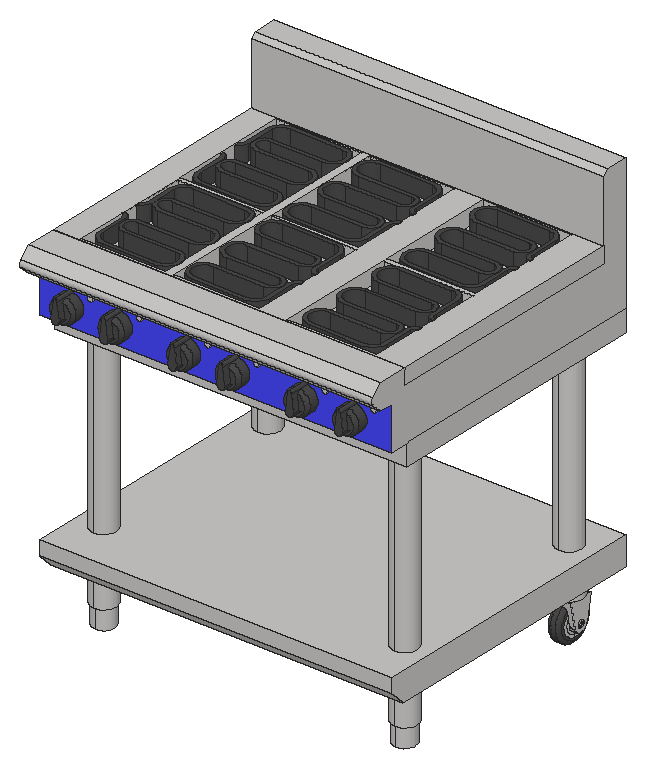
Revit family "QF_MOFFAT_BLUESEAL_CE_E516D-LS", category Specialty Equipment, Revit 2012
Parameters
  Width = 900 mm
  Weight in Pounds = 198  # constant formula
  Watts = 14400 W
  Volts = 400 V
  URL Cutsheet = "www.moffat.com"
  URL = "www.moffat.com"
  Type Mark [instance] = ""
  Status [instance] = ""
  Specification by User [instance] = ""
  Specification by Manufacturer = ""
  Show Logo [instance] = no
  Show Casters [instance] = yes
  Serial Number = ""
  Seismic Rating = ""
  SMACNA No = ""
  Revision Code [instance] = ""
  Phase = 3
  Omniclass Number and Title = ""
  Number of Poles = 1
  NAFEM Spec ID Number = ""
  Model = "E516D-LS"
  Min Ckt Ampacity = 0 A
  Max Overcurrent Protection = 0 A
  Masterspec = ""
  Manufacturer = "MOFFAT BLUESEAL"
  Legs [instance] = not(Show Casters)  # no
  Item Number [instance] = ""
  Installed By [instance] = ""
  Identify Quantity as Lot [instance] = yes
  HP = ""
  Furnished By [instance] = ""
  Foodservice Equipment Identifier [instance] = yes
  FL Amps = 20 A
  Electrical Remarks = "20A PER PHASE"
  Elec Conn RI Height = 0 mm
  Elec Conn Connection Height = 0 mm
  Description = "900MM ELECTRIC COOK TOP & GRIDDLE ON LEG STAND"
  Depth = 812 mm
  Cycle = 50 Hz
  Conn Plug = ""
  Conn Conduit = yes
  CSI MasterFormat = ""
  CSI Master Format = ""
  Base Height [instance] = 150 mm
  Apparent Power = if(Phase = 3, Volts * FL Amps * 1.73, Volts * FL Amps)  # 13840 VA
Reference planes
  plane 1 "BACK": y = 0
  plane 2: z = 0
  plane 3 "LEFT": x = 0
  plane 4 "RIGHT": x = 900
  plane 5 "FRONT": y = -812
  plane 6 "TOP": z = 970
  plane 7 "Center Y": x = 450
  plane 8 "Center X": y = -406
  plane 9 "Base Height": z = 150
  plane 10: z = 915
  plane 11: y = -31
  plane 12: x = 770
  plane 13: z = 1085
  plane 14: x = 65.354
  plane 15: y = -625
  plane 16: y = -100
  plane 17: x = 834.646
Forms (mm)
  Extrusion 1, solid, material "QF_Finishes_Stainless Steel"
    sketch origin (0, 0, 0) x (0, 1, 0) y (0, 0, 1)
      loop
        line (-749, 850) -> (-749, 740) -> (0, 740) -> (0, 1085) -> (-57.5, 1085) -> (-70, 1072.5) -> (-70, 875) -> (-705, 875) -> (-705, 915) -> (-783.97, 915) -> (-808.485, 890.485)
        arc (-808.485, 890.485) -> (-811.999, 882) -> (-808.485, 873.515) r 12
        line (-808.485, 873.515) -> (-784.97, 850) -> (-749, 850)
      loop
        line (0, 685) -> (0, 739.5) -> (-699, 739.5) -> (-699, 685) -> (0, 685)
      loop
        line (0, 222.5) -> (-749, 222.5) -> (-749, 186) -> (-713, 150) -> (0, 150) -> (0, 222.5)
    from 0 to 900
  Revolve 2, solid, material "QF_Finishes_Black"
    sketch origin (87.5, 7, 597.89) x (0, 1, 0) y (0, 0, -1)
      loop
        line (-789, -229.5) -> (-766, -229.5) -> (-766, -202) -> (-756, -202) -> (-756, -197) -> (-800, -197) -> (-800, -223.651) -> (-789, -229.5)
      axis (-800, -197) -> (-756, -197)
    angle from 0 to 360
  Extrusion 3, solid, material "QF_Finishes_Black"
    sketch origin (87.5, -759, 794.89) x (0, 0, 1) y (1, 0, 0)
      loop
        arc (32.192, -4.965) -> (37.079, 0.034) -> (32.192, 5.033) r 5
        line (32.192, 5.033) -> (-10.726, 10.453)
        arc (-10.726, 10.453) -> (-22.392, 0.618) -> (-11.893, -10.454) r 10.487
        line (-11.893, -10.454) -> (32.192, -4.965)
    from 0 to -49
  Extrusion 4, solid, material "QF_Finishes_Stainless Steel"
    sketch origin (0, 0, 222.5) x (0, -1, 0) y (1, 0, 0)
      loop
        circle (100, 65) r 31.75
      loop
        circle (625, 65) r 31.75
      loop
        circle (100, 835) r 31.75
      loop
        circle (625, 835) r 31.75
    from 0 to 462.5
  Revolve 5, solid, material "QF_Finishes_Stainless Steel", visible <- "Legs"
    sketch origin (65.5, -166, 0) x (0, 1, 0) y (0, 0, 1)
      loop
        line (34.25, 150) -> (34.25, 50) -> (38.5, 50) -> (38.5, 0) -> (66, 0) -> (66, 150) -> (34.25, 150)
      axis (66, 150) -> (66, 0)
    angle from 0 to 360
  Revolve 6, solid, material "QF_Finishes_Stainless Steel"
    sketch origin (65.5, -735, 0) x (0, 1, 0) y (0, 0, 1)
      loop
        line (78.25, 150) -> (78.25, 50) -> (82.5, 50) -> (82.5, 0) -> (110, 0) -> (110, 150) -> (78.25, 150)
      axis (110, 150) -> (110, 0)
    angle from 0 to 360
  Revolve 7, solid, material "QF_Finishes_Stainless Steel", visible <- "Legs"
    sketch origin (834.646, -166, -0.354) x (0, 1, 0) y (0, 0, -1)
      loop
        line (34.25, -150) -> (66, -150) -> (66, -0.354) -> (38.5, -0.354) -> (38.5, -50) -> (34.25, -50) -> (34.25, -150)
      axis (66, -150) -> (66, -0.354)
    angle from 0 to 360
  Revolve 8, solid, material "QF_Finishes_Stainless Steel"
    sketch origin (834.646, -728, -0.354) x (0, 1, 0) y (0, 0, -1)
      loop
        line (71.25, -150) -> (103, -150) -> (103, -0.354) -> (75.5, -0.354) -> (75.5, -50) -> (71.25, -50) -> (71.25, -150)
      axis (103, -150) -> (103, -0.354)
    angle from 0 to 360
  Extrusion 9, void
    sketch origin (0, -699, 740) x (0, -1, 0) y (1, 0, 0)
      loop
        circle (-668, 770) r 6.35
    from 0 to -62.281
  Revolve 10, solid, material "QF_Finishes_Black"
    sketch origin (386.766, 7, 597.89) x (0, 1, 0) y (0, 0, -1)
      loop
        line (-789, -229.5) -> (-766, -229.5) -> (-766, -202) -> (-756, -202) -> (-756, -197) -> (-800, -197) -> (-800, -223.651) -> (-789, -229.5)
      axis (-800, -197) -> (-756, -197)
    angle from 0 to 360
  Extrusion 11, solid, material "QF_Finishes_Black"
    sketch origin (386.766, -759, 794.89) x (0, 0, 1) y (1, 0, 0)
      loop
        arc (32.192, -4.965) -> (37.079, 0.034) -> (32.192, 5.033) r 5
        line (32.192, 5.033) -> (-10.726, 10.453)
        arc (-10.726, 10.453) -> (-22.392, 0.618) -> (-11.893, -10.454) r 10.487
        line (-11.893, -10.454) -> (32.192, -4.965)
    from 0 to -49
  Extrusion 12, solid, material "QF_Finishes_Stainless Steel"
    sketch origin (0, -749, 850) x (0, 0, -1) y (1, 0, 0)
      loop
        circle (25.11, 132.5) r 7.15
      loop
        circle (25.11, 257.5) r 7.15
      loop
        circle (25.11, 432.5) r 7.15
      loop
        circle (25.11, 557.5) r 7.15
      loop
        circle (25.11, 732.5) r 7.15
      loop
        circle (25.11, 857.5) r 7.15
    from 0 to 3.2
  Revolve 13, solid, material "QF_Finishes_Stainless Steel", visible <- "Show Casters"
    sketch origin (16.276, -100.755, -12.8) x (1, 0, 0) y (0, 0, 1)
      loop
        line (14.841, 63.604) -> (83.584, 63.604) -> (83.584, 67.109) -> (82.314, 68.379) -> (80.79, 68.379) -> (80.79, 71.826) -> (68.644, 71.826) -> (68.644, 81.79) -> (65.088, 83.843) -> (63.738, 92.179) -> (65.881, 92.179) -> (65.881, 98.529) -> (65.088, 98.529) -> (65.088, 104.879)
        arc (65.088, 104.879) -> (62.298, 111.614) -> (55.563, 114.404) r 9.525
        line (55.563, 114.404) -> (42.863, 114.404)
        arc (42.863, 114.404) -> (36.127, 111.614) -> (33.338, 104.879) r 9.525
        line (33.338, 104.879) -> (33.338, 98.529) -> (32.544, 98.529) -> (32.544, 92.179) -> (34.687, 92.179) -> (33.352, 83.932) -> (29.782, 81.871) -> (29.782, 71.826) -> (17.635, 71.826) -> (17.635, 68.379) -> (16.111, 68.379) -> (14.841, 67.109) -> (14.841, 63.604)
      axis (14.841, 63.604) -> (83.584, 63.604)
    angle from 0 to 360
  Extrusion 14, solid, material "QF_Finishes_Stainless Steel", visible <- "Show Casters"
    sketch origin (72.001, 132.353, -8.783) x (0, 1, 0) y (0, 0, 1)
      loop
        line (-200.603, 118.783) -> (-264.103, 118.783) -> (-251.746, 53.895)
        arc (-251.746, 53.895) -> (-232.353, 38.783) -> (-212.959, 53.895) r 20
        line (-212.959, 53.895) -> (-200.603, 118.783)
    from -35.667 to 22.923
  Revolve 15, solid, material "QF_Finishes_Stainless Steel", visible <- "Show Casters"
    sketch origin (65.5, -204, 0) x (0, 1, 0) y (0, 0, 1)
      loop
        line (68.25, 150) -> (68.25, 110) -> (104, 110) -> (104, 150) -> (68.25, 150)
      axis (104, 150) -> (104, 110)
    angle from 0 to 360
  Revolve 16, solid, material "QF_Finishes_Stainless Steel", visible <- "Legs"
    sketch origin (65.5, -166, 0) x (0, 1, 0) y (0, 0, 1)
      loop
        line (34.25, 150) -> (34.25, 50) -> (38.5, 50) -> (38.5, 0) -> (66, 0) -> (66, 150) -> (34.25, 150)
      axis (66, 150) -> (66, 0)
    angle from 0 to 360
  Revolve 17, solid, material "QF_Finishes_Stainless Steel", visible <- "Show Casters"
    sketch origin (485.423, -100.755, -12.798) x (1, 0, 0) y (0, 0, 1)
      loop
        line (314.841, 63.604) -> (383.584, 63.604) -> (383.584, 67.109) -> (382.314, 68.379) -> (380.79, 68.379) -> (380.79, 71.826) -> (368.644, 71.826) -> (368.644, 81.79) -> (365.088, 83.843) -> (363.738, 92.179) -> (365.881, 92.179) -> (365.881, 98.529) -> (365.088, 98.529) -> (365.088, 104.879)
        arc (365.088, 104.879) -> (362.298, 111.614) -> (355.563, 114.404) r 9.525
        line (355.563, 114.404) -> (342.863, 114.404)
        arc (342.863, 114.404) -> (336.127, 111.614) -> (333.338, 104.879) r 9.525
        line (333.338, 104.879) -> (333.338, 98.529) -> (332.544, 98.529) -> (332.544, 92.179) -> (334.687, 92.179) -> (333.352, 83.932) -> (329.782, 81.871) -> (329.782, 71.826) -> (317.635, 71.826) -> (317.635, 68.379) -> (316.111, 68.379) -> (314.841, 67.109) -> (314.841, 63.604)
      axis (314.841, 63.604) -> (383.584, 63.604)
    angle from 0 to 360
  Extrusion 18, solid, material "QF_Finishes_Stainless Steel", visible <- "Show Casters"
    sketch origin (841.147, 132.353, -9.137) x (0, 1, 0) y (0, 0, 1)
      loop
        line (-200.603, 118.783) -> (-264.103, 118.783) -> (-251.746, 53.895)
        arc (-251.746, 53.895) -> (-232.353, 38.783) -> (-212.959, 53.895) r 20
        line (-212.959, 53.895) -> (-200.603, 118.783)
    from -35.667 to 22.923
  Revolve 19, solid, material "QF_Finishes_Stainless Steel", visible <- "Show Casters"
    sketch origin (834.646, -204, -0.354) x (0, 1, 0) y (0, 0, 1)
      loop
        line (68.25, 150) -> (68.25, 110) -> (104, 110) -> (104, 150) -> (68.25, 150)
      axis (104, 150) -> (104, 110)
    angle from 0 to 360
  Revolve 20, solid, material "QF_Finishes_Black"
    sketch origin (211.766, 7, 597.89) x (0, 1, 0) y (0, 0, -1)
      loop
        line (-789, -229.5) -> (-766, -229.5) -> (-766, -202) -> (-756, -202) -> (-756, -197) -> (-800, -197) -> (-800, -223.651) -> (-789, -229.5)
      axis (-800, -197) -> (-756, -197)
    angle from 0 to 360
  Extrusion 21, solid, material "QF_Finishes_Black"
    sketch origin (211.766, -759, 794.89) x (0, 0, 1) y (1, 0, 0)
      loop
        arc (32.192, -4.965) -> (37.079, 0.034) -> (32.192, 5.033) r 5
        line (32.192, 5.033) -> (-10.726, 10.453)
        arc (-10.726, 10.453) -> (-22.392, 0.618) -> (-11.893, -10.454) r 10.487
        line (-11.893, -10.454) -> (32.192, -4.965)
    from 0 to -49
  Revolve 22, solid, material "QF_Finishes_Black"
    sketch origin (511.766, 7, 597.89) x (0, 1, 0) y (0, 0, -1)
      loop
        line (-789, -229.5) -> (-766, -229.5) -> (-766, -202) -> (-756, -202) -> (-756, -197) -> (-800, -197) -> (-800, -223.651) -> (-789, -229.5)
      axis (-800, -197) -> (-756, -197)
    angle from 0 to 360
  Extrusion 23, solid, material "QF_Finishes_Black"
    sketch origin (511.766, -759, 794.89) x (0, 0, 1) y (1, 0, 0)
      loop
        arc (32.192, -4.965) -> (37.079, 0.034) -> (32.192, 5.033) r 5
        line (32.192, 5.033) -> (-10.726, 10.453)
        arc (-10.726, 10.453) -> (-22.392, 0.618) -> (-11.893, -10.454) r 10.487
        line (-11.893, -10.454) -> (32.192, -4.965)
    from 0 to -49
  Revolve 24, solid, material "QF_Finishes_Black"
    sketch origin (686.766, 7, 597.89) x (0, 1, 0) y (0, 0, -1)
      loop
        line (-789, -229.5) -> (-766, -229.5) -> (-766, -202) -> (-756, -202) -> (-756, -197) -> (-800, -197) -> (-800, -223.651) -> (-789, -229.5)
      axis (-800, -197) -> (-756, -197)
    angle from 0 to 360
  Extrusion 25, solid, material "QF_Finishes_Black"
    sketch origin (686.766, -759, 794.89) x (0, 0, 1) y (1, 0, 0)
      loop
        arc (32.192, -4.965) -> (37.079, 0.034) -> (32.192, 5.033) r 5
        line (32.192, 5.033) -> (-10.726, 10.453)
        arc (-10.726, 10.453) -> (-22.392, 0.618) -> (-11.893, -10.454) r 10.487
        line (-11.893, -10.454) -> (32.192, -4.965)
    from 0 to -49
  Revolve 26, solid, material "QF_Finishes_Black"
    sketch origin (811.766, 7, 597.89) x (0, 1, 0) y (0, 0, -1)
      loop
        line (-789, -229.5) -> (-766, -229.5) -> (-766, -202) -> (-756, -202) -> (-756, -197) -> (-800, -197) -> (-800, -223.651) -> (-789, -229.5)
      axis (-800, -197) -> (-756, -197)
    angle from 0 to 360
  Extrusion 27, solid, material "QF_Finishes_Black"
    sketch origin (811.766, -759, 794.89) x (0, 0, 1) y (1, 0, 0)
      loop
        arc (32.192, -4.965) -> (37.079, 0.034) -> (32.192, 5.033) r 5
        line (32.192, 5.033) -> (-10.726, 10.453)
        arc (-10.726, 10.453) -> (-22.392, 0.618) -> (-11.893, -10.454) r 10.487
        line (-11.893, -10.454) -> (32.192, -4.965)
    from 0 to -49
Cuts and joins
  Extrusion 9 cuts Extrusion 1
Lines and regions (mm)
  Split face 1
    outline origin (900, 0, 1085) x (-1, 0, 0) y (0, -1, 0)
      loop
        arc (856, 18.385) -> (864.66, 23.385) -> (864.66, 33.385) r 10
        line (864.66, 33.385) -> (860.619, 40.385)
        arc (860.619, 40.385) -> (856.959, 44.045) -> (851.959, 45.385) r 10
        line (851.959, 45.385) -> (624, 45.385)
        arc (624, 45.385) -> (615.34, 40.385) -> (615.34, 30.385) r 10
        line (615.34, 30.385) -> (619.381, 23.385)
        arc (619.381, 23.385) -> (623.041, 19.725) -> (628.041, 18.385) r 10
        line (628.041, 18.385) -> (856, 18.385)
  Split face 2
    outline origin (900, 0, 1085) x (-1, 0, 0) y (0, -1, 0)
      loop
        arc (276, 18.385) -> (284.66, 23.385) -> (284.66, 33.385) r 10
        line (284.66, 33.385) -> (280.619, 40.385)
        arc (280.619, 40.385) -> (276.959, 44.045) -> (271.959, 45.385) r 10
        line (271.959, 45.385) -> (44, 45.385)
        arc (44, 45.385) -> (35.34, 40.385) -> (35.34, 30.385) r 10
        line (35.34, 30.385) -> (39.381, 23.385)
        arc (39.381, 23.385) -> (43.041, 19.725) -> (48.041, 18.385) r 10
        line (48.041, 18.385) -> (276, 18.385)
  Split face 3
    outline origin (900, 0, 1085) x (-1, 0, 0) y (0, -1, 0)
      loop
        arc (334, 45.385) -> (325.34, 40.385) -> (325.34, 30.385) r 10
        line (325.34, 30.385) -> (329.381, 23.385)
        arc (329.381, 23.385) -> (333.041, 19.725) -> (338.041, 18.385) r 10
        line (338.041, 18.385) -> (566, 18.385)
        arc (566, 18.385) -> (574.66, 23.385) -> (574.66, 33.385) r 10
        line (574.66, 33.385) -> (570.619, 40.385)
        arc (570.619, 40.385) -> (566.959, 44.045) -> (561.959, 45.385) r 10
        line (561.959, 45.385) -> (334, 45.385)
  symbolic lines, style "SpecialityEquipmentHiddenLines", visible <- "Show Casters"
    curve 1: line (78.456, -46.735, 0) -> (105.952, -62.61, 0)
    curve 2: line (27.656, -134.723, 0) -> (78.456, -46.735, 0)
    curve 3: line (55.152, -150.598, 0) -> (27.656, -134.723, 0)
    curve 4: line (105.952, -62.61, 0) -> (55.152, -150.598, 0)
    curve 5: line (848.456, -46.735, 0) -> (875.952, -62.61, 0)
    curve 6: line (797.656, -134.723, 0) -> (848.456, -46.735, 0)
    curve 7: line (825.152, -150.598, 0) -> (797.656, -134.723, 0)
    curve 8: line (875.952, -62.61, 0) -> (825.152, -150.598, 0)
  symbolic lines
    curve 9: line (0, -783.97, 0) -> (900, -783.97, 0)
    curve 10: line (0, 0, 0) -> (0, -811.999, 0)
    curve 11: line (900, -811.999, 0) -> (900, 0, 0)
    curve 12: line (900, -811.999, 0) -> (0, -811.999, 0)
    curve 13: line (0, -70, 0) -> (900, -70, 0)
    curve 14: line (0, -57.5, 0) -> (900, -57.5, 0)
    curve 15: line (900, 0, 0) -> (0, 0, 0)
    curve 16: line (561.959, -18.385, 0) -> (334, -18.385, 0)
    curve 17: arc (334, -18.385, 0) -> (325.34, -23.385, 0) -> (325.34, -33.385, 0) r 10
    curve 18: line (325.34, -33.385, 0) -> (329.381, -40.385, 0)
    curve 19: arc (329.381, -40.385, 0) -> (333.041, -44.045, 0) -> (338.041, -45.385, 0) r 10
    curve 20: line (338.041, -45.385, 0) -> (566, -45.385, 0)
    curve 21: arc (566, -45.385, 0) -> (574.66, -40.385, 0) -> (574.66, -30.385, 0) r 10
    curve 22: line (574.66, -30.385, 0) -> (570.619, -23.385, 0)
    curve 23: arc (570.619, -23.385, 0) -> (566.959, -19.725, 0) -> (561.959, -18.385, 0) r 10
    curve 24: line (851.959, -18.385, 0) -> (624, -18.385, 0)
    curve 25: arc (624, -18.385, 0) -> (615.34, -23.385, 0) -> (615.34, -33.385, 0) r 10
    curve 26: line (615.34, -33.385, 0) -> (619.381, -40.385, 0)
    curve 27: arc (619.381, -40.385, 0) -> (623.041, -44.045, 0) -> (628.041, -45.385, 0) r 10
    curve 28: line (628.041, -45.385, 0) -> (856, -45.385, 0)
    curve 29: arc (856, -45.385, 0) -> (864.66, -40.385, 0) -> (864.66, -30.385, 0) r 10
    curve 30: line (864.66, -30.385, 0) -> (860.619, -23.385, 0)
    curve 31: arc (860.619, -23.385, 0) -> (856.959, -19.725, 0) -> (851.959, -18.385, 0) r 10
    curve 32: line (271.959, -18.385, 0) -> (44, -18.385, 0)
    curve 33: arc (44, -18.385, 0) -> (35.34, -23.385, 0) -> (35.34, -33.385, 0) r 10
    curve 34: line (35.34, -33.385, 0) -> (39.381, -40.385, 0)
    curve 35: arc (39.381, -40.385, 0) -> (43.041, -44.045, 0) -> (48.041, -45.385, 0) r 10
    curve 36: line (48.041, -45.385, 0) -> (276, -45.385, 0)
    curve 37: arc (276, -45.385, 0) -> (284.66, -40.385, 0) -> (284.66, -30.385, 0) r 10
    curve 38: line (284.66, -30.385, 0) -> (280.619, -23.385, 0)
    curve 39: arc (280.619, -23.385, 0) -> (276.959, -19.725, 0) -> (271.959, -18.385, 0) r 10
    curve 40: line (0, -705, 0) -> (900, -705, 0)
Dimensions and locks
  equal spacing: plane 3 "LEFT", plane 7 "Center Y", plane 4 "RIGHT"
  "Width": plane 3 "LEFT" to plane 4 "RIGHT"
  equal spacing: plane 5 "FRONT", plane 8 "Center X", plane 1 "BACK"
  "Depth": plane 5 "FRONT" to plane 1 "BACK"
  equal spacing: plane 4 "RIGHT", plane 7 "Center Y", plane 3 "LEFT"
  plane 4 "RIGHT" to plane 3 "LEFT" = 900 mm
  plane 5 "FRONT" to plane 1 "BACK" = 812 mm
  "Base Height": plane 9 "Base Height" to level
  plane 6 "TOP" to level = 970 mm
  plane 10 to level = 915 mm
  plane 11 to plane 1 "BACK" = 31 mm
  plane 12 to plane 4 "RIGHT" = 130 mm
  plane 13 to plane 2 = 1085 mm
  Revolve 13 sketch curve to Revolve 13 sketch curve = 50.8 mm
  Revolve 17 sketch curve to Revolve 17 sketch curve = 50.8 mm
  plane 2 to cut or joined group of Extrusion 1, Extrusion 9 = 740 mm
  Extrusion 9 sketch curve to plane 1 "BACK" = 31 mm
  plane 16 to plane 15 = 525 mm
  aligned and locked: level to plane 2
  aligned and locked: Extrusion 4 to cut or joined group of Extrusion 1, Extrusion 9
  aligned and locked: cut or joined group of Extrusion 1, Extrusion 9 to plane 4 "RIGHT"
Automatic sketch dimensions
  plane 1 "BACK" to curve 15 = 0 mm
  curve 15 to plane 3 "LEFT" = 0 mm
  curve 9 to plane 4 "RIGHT" = 0 mm
  plane 3 "LEFT" to curve 2 = 27.656 mm
  plane 14 to curve 3 = 10.202 mm
  curve 2 to plane 14 = 13.102 mm
  plane 12 to curve 6 = 27.656 mm
  curve 8 to plane 17 = 9.494 mm
  plane 17 to curve 5 = 13.809 mm
  curve 5 to plane 11 = 15.735 mm
  curve 2 to plane 11 = 15.735 mm
  curve 14 to plane 11 = 26.5 mm
  curve 8 to curve 14 = 5.11 mm
  curve 4 to curve 1 = 15.875 mm
  curve 13 to curve 14 = 12.5 mm
  curve 9 to plane 5 "FRONT" = 28.03 mm
  curve 12 to plane 5 "FRONT" = 0.001 mm
  plane 10 to Extrusion 1 sketch curve = 0 mm
  Extrusion 1 sketch curve to plane 9 "Base Height" = 0 mm
  plane 13 to Extrusion 1 sketch curve = 0 mm
  Extrusion 1 sketch curve to plane 1 "BACK" = 0 mm  (x3)
  Extrusion 1 sketch curve to plane 11 = 26.5 mm
  plane 13 to Extrusion 1 sketch curve = 12.5 mm
  Extrusion 1 sketch curve to Extrusion 1 sketch curve = 12.5 mm
  plane 15 to Extrusion 1 sketch curve = 74 mm
  plane 15 to Extrusion 1 sketch curve = 80 mm
  plane 15 to Extrusion 1 sketch curve = 88 mm
  Extrusion 1 sketch curve to Extrusion 1 sketch curve = 44 mm
  Extrusion 1 sketch curve to Extrusion 1 sketch curve = 36 mm
  Extrusion 1 sketch curve to plane 5 "FRONT" = 28.03 mm
  Extrusion 1 sketch curve to plane 5 "FRONT" = 27.03 mm
  Extrusion 1 sketch curve to plane 5 "FRONT" = 12.001 mm
  Extrusion 1 sketch curve to plane 5 "FRONT" = 3.515 mm  (x2)
  plane 9 "Base Height" to Extrusion 1 sketch curve = 36 mm
  plane 9 "Base Height" to Extrusion 1 sketch curve = 72.5 mm
  plane 10 to Extrusion 1 sketch curve = 230 mm
  Extrusion 1 sketch curve to Extrusion 1 sketch curve = 54.5 mm
  Extrusion 1 sketch curve to Extrusion 1 sketch curve = 0.5 mm
  plane 10 to Extrusion 1 sketch curve = 65 mm
  Extrusion 1 sketch curve to Extrusion 1 sketch curve = 23.515 mm
  plane 10 to Extrusion 1 sketch curve = 40 mm
  Extrusion 1 sketch curve to Extrusion 1 sketch curve = 8.485 mm
  Revolve 2 sketch curve to plane 5 "FRONT" = 19 mm
  Revolve 2 sketch curve to Revolve 2 sketch curve = 0 mm  (x2)
  Revolve 2 sketch curve to Revolve 2 sketch curve = 11 mm
  Revolve 2 sketch curve to Revolve 2 sketch curve = 12.7 mm
  Revolve 2 sketch curve to Revolve 2 sketch curve = 23 mm
  Revolve 2 sketch curve to Revolve 2 sketch curve = 10 mm
  plane 10 to Revolve 2 sketch curve = 87.61 mm
  Revolve 2 sketch curve to Revolve 2 sketch curve = 5.849 mm
  Revolve 2 sketch curve to Revolve 2 sketch curve = 27.5 mm
  Revolve 2 sketch curve to Revolve 2 sketch curve = 5 mm
  Extrusion 3 sketch curve to Revolve 2 = 0.034 mm  (x2)
  Revolve 2 to Extrusion 3 sketch curve = 10.454 mm
  Extrusion 3 sketch curve to Extrusion 3 sketch curve = 0.028 mm
  Extrusion 3 sketch curve to Revolve 2 = 10.453 mm
  Extrusion 3 sketch curve to Extrusion 3 sketch curve = 44 mm
  Extrusion 3 sketch curve to Revolve 2 = 5.033 mm
  Extrusion 3 sketch curve to Extrusion 3 sketch curve = 0.113 mm
  Revolve 2 to Extrusion 3 sketch curve = 4.965 mm
  Extrusion 4 sketch curve to Extrusion 4 sketch curve = 0 mm  (x8)
  Extrusion 1 to Extrusion 4 sketch curve = 68.25 mm  (x2)
  Extrusion 4 sketch curve to Extrusion 4 sketch curve = 31.75 mm  (x4)
  Extrusion 4 sketch curve to Extrusion 1 = 155.75 mm  (x2)
  Extrusion 1 to Extrusion 4 sketch curve = 65 mm  (x4)
  Revolve 5 sketch curve to plane 9 "Base Height" = 0 mm
  Revolve 5 sketch curve to level = 0 mm
  Revolve 5 sketch curve to plane 16 = 0 mm  (x2)
  plane 16 to Revolve 5 sketch curve = 27.5 mm
  plane 16 to Revolve 5 sketch curve = 31.75 mm
  Revolve 5 sketch curve to Revolve 5 sketch curve = 55 mm
  level to Revolve 5 sketch curve = 50 mm
  Revolve 5 sketch curve to Revolve 5 sketch curve = 0 mm
  Revolve 6 sketch curve to plane 9 "Base Height" = 0 mm
  Revolve 6 sketch curve to level = 0 mm
  Revolve 6 sketch curve to plane 15 = 0 mm  (x2)
  Revolve 6 sketch curve to Revolve 6 sketch curve = 27.5 mm
  Revolve 6 sketch curve to Revolve 6 sketch curve = 31.75 mm
  Revolve 6 sketch curve to Revolve 6 sketch curve = 55 mm
  level to Revolve 6 sketch curve = 50 mm
  Revolve 6 sketch curve to Revolve 6 sketch curve = 0 mm
  Revolve 7 sketch curve to level = 0 mm
  Revolve 7 sketch curve to plane 16 = 0 mm  (x2)
  plane 16 to Revolve 7 sketch curve = 27.5 mm
  Revolve 7 sketch curve to plane 9 "Base Height" = 0.354 mm
  plane 16 to Revolve 7 sketch curve = 31.75 mm
  level to Revolve 7 sketch curve = 49.646 mm
  Revolve 7 sketch curve to Revolve 7 sketch curve = 0 mm
  Revolve 7 sketch curve to level = 55.354 mm
  Revolve 8 sketch curve to level = 0 mm
  Revolve 8 sketch curve to plane 15 = 0 mm  (x2)
  Revolve 8 sketch curve to Revolve 8 sketch curve = 27.5 mm
  Revolve 8 sketch curve to plane 9 "Base Height" = 0.354 mm
  plane 15 to Revolve 8 sketch curve = 31.75 mm
  level to Revolve 8 sketch curve = 49.646 mm
  Revolve 8 sketch curve to Revolve 8 sketch curve = 0 mm
  Revolve 8 sketch curve to Revolve 8 sketch curve = 55.354 mm
  Extrusion 9 sketch curve to Extrusion 1 = 130 mm
  Revolve 10 sketch curve to plane 5 "FRONT" = 19 mm
  Revolve 10 sketch curve to Revolve 10 sketch curve = 0 mm  (x2)
  Revolve 10 sketch curve to Revolve 10 sketch curve = 11 mm
  Revolve 10 sketch curve to Revolve 10 sketch curve = 12.7 mm
  Revolve 10 sketch curve to Revolve 10 sketch curve = 23 mm
  Revolve 10 sketch curve to Revolve 10 sketch curve = 10 mm
  plane 10 to Revolve 10 sketch curve = 87.61 mm
  Revolve 10 sketch curve to Revolve 10 sketch curve = 5.849 mm
  Revolve 10 sketch curve to Revolve 10 sketch curve = 27.5 mm
  Revolve 10 sketch curve to Revolve 10 sketch curve = 5 mm
  Extrusion 11 sketch curve to Revolve 10 = 0.034 mm  (x2)
  Revolve 10 to Extrusion 11 sketch curve = 10.454 mm
  Extrusion 11 sketch curve to Extrusion 11 sketch curve = 0.028 mm
  Extrusion 11 sketch curve to Revolve 10 = 10.453 mm
  Extrusion 11 sketch curve to Extrusion 11 sketch curve = 44 mm
  Extrusion 11 sketch curve to Revolve 10 = 5.033 mm
  Extrusion 11 sketch curve to Extrusion 11 sketch curve = 0.113 mm
  Revolve 10 to Extrusion 11 sketch curve = 4.965 mm
  Split face 1 sketch curve to cut or joined group of Extrusion 1, Extrusion 9 = 27.115 mm
  Split face 1 sketch curve to cut or joined group of Extrusion 1, Extrusion 9 = 284.66 mm
  Split face 1 sketch curve to Split face 1 sketch curve = 4.041 mm  (x4)
  Split face 1 sketch curve to Split face 1 sketch curve = 8.66 mm  (x2)
  Split face 1 sketch curve to cut or joined group of Extrusion 1, Extrusion 9 = 12.115 mm
  Split face 1 sketch curve to cut or joined group of Extrusion 1, Extrusion 9 = 48.041 mm
  Split face 1 sketch curve to Split face 1 sketch curve = 7 mm  (x3)
  Split face 1 sketch curve to Split face 1 sketch curve = 17 mm
  Split face 2 sketch curve to cut or joined group of Extrusion 1, Extrusion 9 = 35.34 mm
  Split face 2 sketch curve to Split face 2 sketch curve = 4.041 mm  (x4)
  Split face 2 sketch curve to Split face 2 sketch curve = 8.66 mm  (x2)
  Split face 2 sketch curve to cut or joined group of Extrusion 1, Extrusion 9 = 12.115 mm
  Split face 2 sketch curve to Split face 2 sketch curve = 223.917 mm
  Split face 2 sketch curve to Split face 2 sketch curve = 5 mm
  Split face 2 sketch curve to Split face 2 sketch curve = 10 mm
  Split face 2 sketch curve to Split face 2 sketch curve = 7 mm  (x3)
  Extrusion 12 sketch curve to Extrusion 1 = 25.11 mm  (x6)
  Extrusion 1 to Extrusion 12 sketch curve = 132.5 mm
  Extrusion 12 sketch curve to Extrusion 12 sketch curve = 125 mm  (x2)
  Extrusion 12 sketch curve to Extrusion 12 sketch curve = 175 mm
  Extrusion 1 to Extrusion 12 sketch curve = 167.5 mm
  Extrusion 1 to Extrusion 12 sketch curve = 42.5 mm
  plane 3 "LEFT" to Revolve 13 sketch curve = 31.118 mm
  Revolve 13 sketch curve to Revolve 13 sketch curve = 1.27 mm  (x4)
  Revolve 13 sketch curve to Revolve 13 sketch curve = 1.524 mm  (x2)
  Revolve 13 sketch curve to Revolve 13 sketch curve = 12.146 mm  (x2)
  plane 14 to Revolve 13 sketch curve = 16.533 mm
  Revolve 13 sketch curve to Revolve 13 sketch curve = 0.794 mm  (x2)
  Revolve 13 sketch curve to Revolve 13 sketch curve = 3.57 mm
  Revolve 13 sketch curve to Revolve 13 sketch curve = 2.143 mm
  plane 14 to Revolve 13 sketch curve = 6.215 mm
  Revolve 13 sketch curve to plane 14 = 5.276 mm
  Revolve 13 sketch curve to plane 14 = 6.485 mm
  Revolve 13 sketch curve to plane 14 = 14.661 mm
  Revolve 13 sketch curve to Revolve 13 sketch curve = 1.349 mm  (x2)
  Revolve 13 sketch curve to Revolve 13 sketch curve = 3.556 mm
  Revolve 13 sketch curve to Revolve 13 sketch curve = 33.32 mm
  level to Revolve 13 sketch curve = 50.804 mm
  Revolve 13 sketch curve to Revolve 13 sketch curve = 0 mm
  Revolve 13 sketch curve to Revolve 13 sketch curve = 3.505 mm  (x2)
  Revolve 13 sketch curve to Revolve 13 sketch curve = 3.447 mm  (x2)
  Revolve 13 sketch curve to Revolve 13 sketch curve = 9.964 mm
  Revolve 13 sketch curve to Revolve 13 sketch curve = 10.045 mm
  Revolve 13 sketch curve to Revolve 13 sketch curve = 2.053 mm
  Revolve 13 sketch curve to Revolve 13 sketch curve = 2.061 mm
  Revolve 13 sketch curve to Revolve 13 sketch curve = 8.247 mm
  Revolve 13 sketch curve to Revolve 13 sketch curve = 8.336 mm
  Revolve 13 sketch curve to Revolve 13 sketch curve = 6.35 mm  (x2)
  Extrusion 14 sketch curve to plane 16 = 0 mm
  plane 16 to Extrusion 14 sketch curve = 19.393 mm
  plane 16 to Extrusion 14 sketch curve = 31.75 mm
  Extrusion 14 sketch curve to plane 16 = 19.393 mm
  Extrusion 14 sketch curve to plane 16 = 31.75 mm
  level to Extrusion 14 sketch curve = 45.111 mm
  Extrusion 14 sketch curve to Extrusion 14 sketch curve = 4.889 mm
  Extrusion 14 sketch curve to plane 9 "Base Height" = 40 mm
  Revolve 15 sketch curve to plane 9 "Base Height" = 0 mm
  Revolve 15 sketch curve to plane 16 = 0 mm  (x2)
  plane 16 to Revolve 15 sketch curve = 35.75 mm
  Revolve 15 sketch curve to Revolve 15 sketch curve = 40 mm
  level to Revolve 15 sketch curve = 50 mm
  Revolve 15 sketch curve to level = 55 mm
  Revolve 16 sketch curve to plane 9 "Base Height" = 0 mm
  Revolve 16 sketch curve to level = 0 mm
  Revolve 16 sketch curve to plane 16 = 0 mm  (x2)
  plane 16 to Revolve 16 sketch curve = 27.5 mm
  plane 16 to Revolve 16 sketch curve = 31.75 mm
  Revolve 16 sketch curve to Revolve 16 sketch curve = 55 mm
  level to Revolve 16 sketch curve = 50 mm
  Revolve 16 sketch curve to Revolve 16 sketch curve = 0 mm
  plane 12 to Revolve 17 sketch curve = 30.264 mm
  Revolve 17 sketch curve to Revolve 17 sketch curve = 1.27 mm  (x4)
  Revolve 17 sketch curve to Revolve 17 sketch curve = 1.524 mm  (x2)
  Revolve 17 sketch curve to Revolve 17 sketch curve = 12.146 mm  (x2)
  Revolve 17 sketch curve to plane 17 = 16.68 mm
  Revolve 17 sketch curve to Revolve 17 sketch curve = 0.794 mm  (x2)
  Revolve 17 sketch curve to Revolve 17 sketch curve = 3.57 mm
  Revolve 17 sketch curve to Revolve 17 sketch curve = 2.143 mm
  Revolve 17 sketch curve to plane 17 = 6.361 mm
  plane 17 to Revolve 17 sketch curve = 5.13 mm
  plane 17 to Revolve 17 sketch curve = 6.339 mm
  plane 17 to Revolve 17 sketch curve = 14.515 mm
  Revolve 17 sketch curve to Revolve 17 sketch curve = 1.349 mm  (x2)
  Revolve 17 sketch curve to Revolve 17 sketch curve = 3.556 mm
  Revolve 17 sketch curve to plane 4 "RIGHT" = 2.327 mm
  level to Revolve 17 sketch curve = 50.806 mm
  Revolve 17 sketch curve to Revolve 17 sketch curve = 0 mm
  Revolve 17 sketch curve to Revolve 17 sketch curve = 3.505 mm  (x2)
  Revolve 17 sketch curve to Revolve 17 sketch curve = 3.447 mm  (x2)
  Revolve 17 sketch curve to Revolve 17 sketch curve = 9.964 mm
  Revolve 17 sketch curve to Revolve 17 sketch curve = 10.045 mm
  Revolve 17 sketch curve to Revolve 17 sketch curve = 2.053 mm
  Revolve 17 sketch curve to Revolve 17 sketch curve = 2.061 mm
  Revolve 17 sketch curve to Revolve 17 sketch curve = 8.247 mm
  Revolve 17 sketch curve to Revolve 17 sketch curve = 8.336 mm
  Revolve 17 sketch curve to Revolve 17 sketch curve = 6.35 mm  (x2)
  Extrusion 18 sketch curve to plane 16 = 0 mm
  plane 16 to Extrusion 18 sketch curve = 19.393 mm
  plane 16 to Extrusion 18 sketch curve = 31.75 mm
  Extrusion 18 sketch curve to plane 16 = 19.393 mm
  Extrusion 18 sketch curve to plane 16 = 31.75 mm
  level to Extrusion 18 sketch curve = 44.758 mm
  Extrusion 18 sketch curve to Extrusion 18 sketch curve = 4.889 mm
  Extrusion 18 sketch curve to plane 9 "Base Height" = 40.354 mm
  Revolve 19 sketch curve to plane 16 = 0 mm  (x2)
  Revolve 19 sketch curve to plane 9 "Base Height" = 0.354 mm
  plane 16 to Revolve 19 sketch curve = 35.75 mm
  Revolve 19 sketch curve to Revolve 19 sketch curve = 40 mm
  level to Revolve 19 sketch curve = 49.646 mm
  Revolve 19 sketch curve to level = 55.354 mm
  Split face 3 sketch curve to cut or joined group of Extrusion 1, Extrusion 9 = 27.115 mm
  Split face 3 sketch curve to cut or joined group of Extrusion 1, Extrusion 9 = 325.34 mm
  Split face 3 sketch curve to cut or joined group of Extrusion 1, Extrusion 9 = 23.385 mm
  Split face 3 sketch curve to Split face 3 sketch curve = 4.041 mm  (x4)
  Split face 3 sketch curve to Split face 3 sketch curve = 8.66 mm  (x2)
  Split face 3 sketch curve to cut or joined group of Extrusion 1, Extrusion 9 = 22.115 mm
  Split face 3 sketch curve to Split face 3 sketch curve = 223.917 mm
  Split face 3 sketch curve to cut or joined group of Extrusion 1, Extrusion 9 = 17.115 mm
  Split face 3 sketch curve to Split face 3 sketch curve = 17 mm
  Split face 3 sketch curve to Split face 3 sketch curve = 7 mm
  Revolve 20 sketch curve to plane 5 "FRONT" = 19 mm
  Revolve 20 sketch curve to Revolve 20 sketch curve = 0 mm  (x2)
  Revolve 20 sketch curve to Revolve 20 sketch curve = 11 mm
  Revolve 20 sketch curve to Revolve 20 sketch curve = 12.7 mm
  Revolve 20 sketch curve to Revolve 20 sketch curve = 23 mm
  Revolve 20 sketch curve to Revolve 20 sketch curve = 10 mm
  plane 10 to Revolve 20 sketch curve = 87.61 mm
  Revolve 20 sketch curve to Revolve 20 sketch curve = 5.849 mm
  Revolve 20 sketch curve to Revolve 20 sketch curve = 27.5 mm
  Revolve 20 sketch curve to Revolve 20 sketch curve = 5 mm
  Extrusion 21 sketch curve to Revolve 20 = 0.034 mm  (x2)
  Revolve 20 to Extrusion 21 sketch curve = 10.454 mm
  Extrusion 21 sketch curve to Extrusion 21 sketch curve = 0.028 mm
  Extrusion 21 sketch curve to Revolve 20 = 10.453 mm
  Extrusion 21 sketch curve to Extrusion 21 sketch curve = 44 mm
  Extrusion 21 sketch curve to Revolve 20 = 5.033 mm
  Extrusion 21 sketch curve to Extrusion 21 sketch curve = 0.113 mm
  Revolve 20 to Extrusion 21 sketch curve = 4.965 mm
  Revolve 22 sketch curve to plane 5 "FRONT" = 19 mm
  Revolve 22 sketch curve to Revolve 22 sketch curve = 0 mm  (x2)
  Revolve 22 sketch curve to Revolve 22 sketch curve = 11 mm
  Revolve 22 sketch curve to Revolve 22 sketch curve = 12.7 mm
  Revolve 22 sketch curve to Revolve 22 sketch curve = 23 mm
  Revolve 22 sketch curve to Revolve 22 sketch curve = 10 mm
  plane 10 to Revolve 22 sketch curve = 87.61 mm
  Revolve 22 sketch curve to Revolve 22 sketch curve = 5.849 mm
  Revolve 22 sketch curve to Revolve 22 sketch curve = 27.5 mm
  Revolve 22 sketch curve to Revolve 22 sketch curve = 5 mm
  Extrusion 23 sketch curve to Revolve 22 = 0.034 mm  (x2)
  Revolve 22 to Extrusion 23 sketch curve = 10.454 mm
  Extrusion 23 sketch curve to Extrusion 23 sketch curve = 0.028 mm
  Extrusion 23 sketch curve to Revolve 22 = 10.453 mm
  Extrusion 23 sketch curve to Extrusion 23 sketch curve = 44 mm
  Extrusion 23 sketch curve to Revolve 22 = 5.033 mm
  Extrusion 23 sketch curve to Extrusion 23 sketch curve = 0.113 mm
  Revolve 22 to Extrusion 23 sketch curve = 4.965 mm
  Revolve 24 sketch curve to plane 5 "FRONT" = 19 mm
  Revolve 24 sketch curve to Revolve 24 sketch curve = 0 mm  (x2)
  Revolve 24 sketch curve to Revolve 24 sketch curve = 11 mm
  Revolve 24 sketch curve to Revolve 24 sketch curve = 12.7 mm
  Revolve 24 sketch curve to Revolve 24 sketch curve = 23 mm
  Revolve 24 sketch curve to Revolve 24 sketch curve = 10 mm
  plane 10 to Revolve 24 sketch curve = 87.61 mm
  Revolve 24 sketch curve to Revolve 24 sketch curve = 5.849 mm
  Revolve 24 sketch curve to Revolve 24 sketch curve = 27.5 mm
  Revolve 24 sketch curve to Revolve 24 sketch curve = 5 mm
  Extrusion 25 sketch curve to Revolve 24 = 0.034 mm  (x2)
  Revolve 24 to Extrusion 25 sketch curve = 10.454 mm
  Extrusion 25 sketch curve to Extrusion 25 sketch curve = 0.028 mm
  Extrusion 25 sketch curve to Revolve 24 = 10.453 mm
  Extrusion 25 sketch curve to Extrusion 25 sketch curve = 44 mm
  Extrusion 25 sketch curve to Revolve 24 = 5.033 mm
  Extrusion 25 sketch curve to Extrusion 25 sketch curve = 0.113 mm
  Revolve 24 to Extrusion 25 sketch curve = 4.965 mm
  Revolve 26 sketch curve to plane 5 "FRONT" = 19 mm
  Revolve 26 sketch curve to Revolve 26 sketch curve = 0 mm  (x2)
  Revolve 26 sketch curve to Revolve 26 sketch curve = 11 mm
  Revolve 26 sketch curve to Revolve 26 sketch curve = 12.7 mm
  Revolve 26 sketch curve to Revolve 26 sketch curve = 23 mm
  Revolve 26 sketch curve to Revolve 26 sketch curve = 10 mm
  plane 10 to Revolve 26 sketch curve = 87.61 mm
  Revolve 26 sketch curve to Revolve 26 sketch curve = 5.849 mm
  Revolve 26 sketch curve to Revolve 26 sketch curve = 27.5 mm
  Revolve 26 sketch curve to Revolve 26 sketch curve = 5 mm
  Extrusion 27 sketch curve to Revolve 26 = 0.034 mm  (x2)
  Revolve 26 to Extrusion 27 sketch curve = 10.454 mm
  Extrusion 27 sketch curve to Extrusion 27 sketch curve = 0.028 mm
  Extrusion 27 sketch curve to Revolve 26 = 10.453 mm
  Extrusion 27 sketch curve to Extrusion 27 sketch curve = 44 mm
  Extrusion 27 sketch curve to Revolve 26 = 5.033 mm
  Extrusion 27 sketch curve to Extrusion 27 sketch curve = 0.113 mm
  Revolve 26 to Extrusion 27 sketch curve = 4.965 mm
  curve 17 to plane 11 = 2.385 mm
  curve 17 to plane 7 "Center Y" = 124.66 mm
  curve 18 to curve 19 = 4.041 mm
  curve 17 to curve 17 = 8.66 mm
  curve 19 to curve 20 = 8.66 mm
  plane 11 to curve 16 = 12.615 mm
  plane 7 "Center Y" to curve 16 = 111.959 mm
  curve 23 to curve 21 = 4.041 mm  (x2)
  plane 11 to curve 22 = 7.615 mm
  curve 16 to curve 22 = 8.66 mm
  plane 11 to curve 21 = 0.615 mm
  curve 21 to plane 11 = 14.385 mm
  curve 19 to curve 18 = 7 mm
  curve 26 to plane 11 = 2.385 mm
  curve 22 to curve 26 = 40.679 mm
  curve 26 to plane 11 = 9.385 mm
  curve 26 to curve 26 = 4.041 mm
  plane 11 to curve 25 = 2.615 mm
  curve 25 to curve 25 = 8.66 mm
  curve 26 to curve 28 = 8.66 mm
  plane 11 to curve 31 = 2.615 mm
  plane 17 to curve 31 = 17.312 mm
  curve 5 to curve 29 = 7.544 mm
  plane 11 to curve 30 = 7.615 mm
  plane 11 to curve 29 = 0.615 mm
  curve 31 to curve 29 = 4.041 mm
  curve 5 to curve 29 = 1.35 mm
  curve 33 to plane 11 = 2.385 mm
  plane 14 to curve 33 = 30.014 mm
  curve 34 to plane 11 = 9.385 mm
  curve 34 to curve 34 = 4.041 mm
  curve 33 to curve 32 = 8.66 mm
  curve 34 to curve 36 = 8.66 mm
  plane 11 to curve 39 = 12.615 mm
  curve 39 to curve 18 = 53.381 mm
  curve 37 to plane 11 = 4.385 mm
  curve 39 to curve 37 = 4.041 mm
  plane 11 to curve 38 = 7.615 mm
  curve 39 to curve 38 = 8.66 mm
  plane 11 to curve 38 = 0.615 mm
  curve 38 to curve 38 = 4.041 mm
  curve 9 to curve 40 = 78.97 mm
  radius of Extrusion 9 sketch curve = 6.35 mm
  radius of Extrusion 12 sketch curve = 7.15 mm  (x6)
Nested families
  nested 1: "WALDORF LOGO_FACE BASE" at (32, -70, 1057.475) x (1, 0, 0) z (0, -1, 0), visible <- "Show Logo", type "WALDORF LOGO_FACE BASE", detail levels medium+fine
    with Show Logo yes
  nested 2: "ELECTRIC BURNER 900" at (0, -70, 875), type "ELECTRIC BURNER 900"
    with Width 900 mm, Type Mark "", Status "", Specification by User "", Revision Code "", Item Number "", Installed By "", Identify Quantity as Lot yes, Furnished By "", Foodservice Equipment Identifier yes, Depth 635 mm
Connectors
  electrical at (770, -31, 740), driven by "Volts", driven by "Watts"
    settings: on Extrusion 9, index 1, voltage 400 V, apparent load 14400 VA, apparent load phase1 0 VA, apparent load phase2 0 VA, apparent load phase3 0 VA, power factor 1, load classification "Other", number of poles 1, system type 30, power factor state 1, is connector primary yes, connector utility no, sub classification motor no, connector description "ELECTRICAL CONNECTION"
Definition of nested family "WALDORF LOGO_FACE BASE"
  Parameters (values of type "WALDORF LOGO_FACE BASE")
    Show Logo [instance] = yes
    Default Elevation = 1219.2 mm
  Reference planes
    plane 1 "Center (Front/Back)": y = 0
    plane 2: z = 0
    plane 3 "Center (Left/Right)": x = 0
  Forms (mm)
    Extrusion 1, solid
      sketch origin (0, 0, 0) x (1, 0, 0) y (0, 1, 0)
        loop
          line (-1219.2, 1219.2) -> (-1219.2, -1219.2) -> (1219.2, -1219.2) -> (1219.2, 1219.2) -> (-1219.2, 1219.2)
      from 0 to -304.8
    Extrusion 2, solid, material "QF_Finishes_Blue", visible <- "Show Logo"
      sketch origin (0, -33.217, 0) x (1, 0, 0) y (0, 1, 0)
        loop
          arc (138, 31.942) -> (137.626, 32.844) -> (136.724, 33.217) r 1.276
          line (136.724, 33.217) -> (1.29, 33.217)
          arc (1.29, 33.217) -> (0.378, 32.839) -> (0, 31.927) r 1.29
          line (0, 31.927) -> (0, 11.507)
          arc (0, 11.507) -> (0.378, 10.595) -> (1.29, 10.217) r 1.29
          line (1.29, 10.217) -> (136.71, 10.217)
          arc (136.71, 10.217) -> (137.622, 10.595) -> (138, 11.507) r 1.29
          line (138, 11.507) -> (138, 31.942)
      from 0 to 1.588
    Extrusion 3, solid, material "QF_Finishes_White", visible <- "Show Logo"
      sketch origin (0, -33.217, 1.588) x (1, 0, 0) y (0, 1, 0)
        loop
          arc (108.946, 25.919) -> (107.613, 25.367) -> (107.061, 24.034) r 1.885
          line (107.061, 24.034) -> (107.061, 17.211) -> (112.704, 17.211) -> (112.704, 19.129) -> (115.546, 19.129) -> (115.546, 17.211) -> (121.584, 17.211) -> (121.584, 24.075)
          arc (121.584, 24.075) -> (121.043, 25.379) -> (119.739, 25.919) r 1.845
          line (119.739, 25.919) -> (108.946, 25.919)
        loop
          line (123.478, 25.919) -> (123.478, 17.163) -> (134.904, 17.163) -> (134.904, 19.129) -> (129.246, 19.129) -> (129.246, 25.919) -> (123.478, 25.919)
        loop
          line (112.704, 21.258) -> (115.546, 21.258) -> (115.546, 22.702)
          arc (115.546, 22.702) -> (115.344, 23.188) -> (114.858, 23.389) r 0.687
          line (114.858, 23.389) -> (113.363, 23.389)
          arc (113.363, 23.389) -> (112.897, 23.196) -> (112.704, 22.73) r 0.658
          line (112.704, 22.73) -> (112.704, 21.258)
        loop
          line (105.071, 25.919) -> (93.771, 25.919) -> (93.771, 17.163) -> (105.071, 17.163) -> (105.071, 19.063) -> (99.535, 19.063) -> (99.535, 20.437) -> (105.071, 20.437) -> (105.071, 22.278) -> (99.535, 22.278) -> (99.535, 23.587) -> (105.071, 23.587) -> (105.071, 25.919)
        loop
          line (91.104, 25.919) -> (79.541, 25.919)
          arc (79.541, 25.919) -> (78.558, 25.513) -> (78.152, 24.53) r 1.389
          line (78.152, 24.53) -> (78.152, 22.08)
          arc (78.152, 22.08) -> (78.558, 21.098) -> (79.541, 20.691) r 1.389
          line (79.541, 20.691) -> (86.346, 20.691) -> (86.346, 18.864) -> (83.266, 18.864) -> (83.266, 19.664) -> (78.152, 19.664) -> (78.152, 18.553)
          arc (78.152, 18.553) -> (78.558, 17.57) -> (79.541, 17.163) r 1.389
          line (79.541, 17.163) -> (91.063, 17.163)
          arc (91.063, 17.163) -> (92.045, 17.57) -> (92.452, 18.553) r 1.389
          line (92.452, 18.553) -> (92.452, 20.691)
          arc (92.452, 20.691) -> (92.045, 21.673) -> (91.063, 22.08) r 1.389
          line (91.063, 22.08) -> (83.266, 22.08) -> (83.266, 23.984) -> (86.346, 23.984) -> (86.346, 22.743) -> (92.452, 22.743) -> (92.452, 24.571)
          arc (92.452, 24.571) -> (92.057, 25.524) -> (91.104, 25.919) r 1.348
        loop
          line (70.705, 25.919) -> (59.405, 25.919) -> (59.405, 17.163) -> (70.705, 17.163) -> (70.705, 19.063) -> (65.169, 19.063) -> (65.169, 20.437) -> (70.705, 20.437) -> (70.705, 22.278) -> (65.169, 22.278) -> (65.169, 23.587) -> (70.705, 23.587) -> (70.705, 25.919)
        loop
          line (57.598, 25.919) -> (51.7, 25.919) -> (51.7, 20.18)
          arc (51.7, 20.18) -> (50.63, 19.11) -> (49.56, 20.18) r 1.07
          line (49.56, 20.18) -> (49.56, 25.919) -> (43.663, 25.919) -> (43.663, 19.049)
          arc (43.663, 19.049) -> (44.215, 17.716) -> (45.548, 17.163) r 1.885
          line (45.548, 17.163) -> (55.71, 17.163)
          arc (55.71, 17.163) -> (57.045, 17.716) -> (57.598, 19.051) r 1.887
          line (57.598, 19.051) -> (57.598, 25.919)
        loop
          line (31.62, 25.919) -> (31.62, 17.163) -> (43.046, 17.163) -> (43.046, 19.129) -> (37.388, 19.129) -> (37.388, 25.919) -> (31.62, 25.919)
        loop
          line (15.969, 25.919) -> (15.969, 17.163) -> (28.693, 17.163)
          arc (28.693, 17.163) -> (29.812, 17.627) -> (30.276, 18.746) r 1.582
          line (30.276, 18.746) -> (30.276, 20.447) -> (29.48, 21.243) -> (30.276, 22.039) -> (30.276, 24.332)
          arc (30.276, 24.332) -> (29.811, 25.454) -> (28.688, 25.919) r 1.587
          line (28.688, 25.919) -> (15.969, 25.919)
        loop
          line (21.449, 24.159) -> (21.449, 22.436) -> (23.862, 22.436)
          arc (23.862, 22.436) -> (24.723, 23.298) -> (23.862, 24.159) r 0.861
          line (23.862, 24.159) -> (21.449, 24.159)
        loop
          line (21.449, 20.244) -> (21.449, 18.522) -> (23.862, 18.522)
          arc (23.862, 18.522) -> (24.723, 19.383) -> (23.862, 20.244) r 0.861
          line (23.862, 20.244) -> (21.449, 20.244)
      from 0 to 0.2
    Extrusion 4, solid, material "QF_Finishes_Blue", visible <- "Show Logo"
      sketch origin (-126.498, -31.09, 1.588) x (1, 0, 0) y (0, 1, 0)
        loop
          line (136.738, 23.522) -> (136.738, 15.1)
          arc (136.738, 15.1) -> (140.756, 19.311) -> (136.738, 23.522) r 4.216
      from 0 to 0.2
    Extrusion 5, solid, material "QF_Finishes_Red", visible <- "Show Logo"
      sketch origin (146.849, -31.09, 1.588) x (-1, 0, 0) y (0, -1, 0)
        loop
          arc (136.738, -23.522) -> (140.756, -19.311) -> (136.738, -15.1) r 4.216
          line (136.738, -15.1) -> (136.738, -23.522)
      from 0 to 0.2
  Lines and regions (mm)
    Split face 1
      outline origin (-90.35, -30.793, 1.588) x (1, 0, 0) y (0, 1, 0)
        loop
          circle (100.54, 19.013) r 4.536
  Dimensions and locks
    aligned and locked: plane 2 to Extrusion 1
    aligned and locked: level to Extrusion 1
Definition of nested family "ELECTRIC BURNER 900"
  Parameters (values of type "ELECTRIC BURNER 900")
    Width [instance] = 900 mm
    Weight in Pounds = 0
    URL Cutsheet = ""
    Type Mark [instance] = ""
    Status [instance] = ""
    Specification by User [instance] = ""
    Specification by Manufacturer = ""
    Serial Number = ""
    Seismic Rating = ""
    SMACNA No = ""
    Revision Code [instance] = ""
    Omniclass Number and Title = ""
    NAFEM Spec ID Number = ""
    Masterspec = ""
    Item Number [instance] = ""
    Installed By [instance] = ""
    Identify Quantity as Lot [instance] = yes
    Furnished By [instance] = ""
    Foodservice Equipment Identifier [instance] = yes
    Depth [instance] = 635 mm
    CSI MasterFormat = ""
    CSI Master Format = ""
  Reference planes
    plane 1 "BACK": y = 0
    plane 2: z = 0
    plane 3 "LEFT": x = 0
    plane 4 "RIGHT": x = 900
    plane 5 "FRONT": y = -635
    plane 6 "TOP": z = 142.5
    plane 7 "Center Y": x = 450
    plane 8 "Center X": y = -317.5
    plane 9: x = 65.8
    plane 10: y = 70
  Forms (mm)
    Extrusion 1, solid, material "QF_Finishes_Stainless Steel"
      sketch origin (0, 1, 0) x (0, -1, 0) y (1, 0, 0)
        loop
          line (1, 0) -> (636, 0) -> (636, 900) -> (1, 900) -> (1, 0)
        loop
          line (631, 65.8) -> (631, 284.362) -> (321.251, 284.362) -> (321.251, 65.8) -> (631, 65.8)
        loop
          line (6, 594.362) -> (313.651, 594.362) -> (313.651, 823.112) -> (6, 823.112) -> (6, 594.362)
        loop
          line (631, 823.112) -> (321.251, 823.112) -> (321.251, 594.362) -> (631, 594.362) -> (631, 823.112)
        loop
          line (313.651, 284.362) -> (6, 284.362) -> (6, 65.8) -> (313.651, 65.8) -> (313.651, 284.362)
        loop
          line (631, 523.112) -> (321.251, 523.112) -> (321.251, 304.362) -> (631, 304.362) -> (631, 523.112)
        loop
          line (313.651, 523.112) -> (6, 523.112) -> (6, 304.362) -> (313.651, 304.362) -> (313.651, 523.112)
      from 0 to 40
    Extrusion 2, solid, material "QF_Finishes_Black"
      sketch origin (0, 15.7, 0) x (0, -1, 0) y (1, 0, 0)
        loop
          arc (156.993, 65.612) -> (148.172, 80.048) -> (132.304, 85.912) r 25.79
          line (132.304, 85.912) -> (61.096, 85.912)
          arc (61.096, 85.912) -> (42.545, 94.459) -> (35.45, 113.612) r 26.722
          line (35.45, 113.612) -> (35.45, 246.212)
          arc (35.45, 246.212) -> (63.15, 273.912) -> (90.85, 246.212) r 27.7
          line (90.85, 246.212) -> (90.85, 113.769)
          arc (90.85, 113.769) -> (118.55, 86.069) -> (146.25, 113.769) r 27.7
          line (146.25, 113.769) -> (146.25, 246.212)
          arc (146.25, 246.212) -> (173.95, 273.912) -> (201.65, 246.212) r 27.7
          line (201.65, 246.212) -> (201.65, 114.237)
          arc (201.65, 114.237) -> (229.35, 86.537) -> (257.05, 114.237) r 27.7
          line (257.05, 114.237) -> (257.05, 246.212)
          arc (257.05, 246.212) -> (284.75, 273.912) -> (312.45, 246.212) r 27.7
          line (312.45, 246.212) -> (312.45, 113.612)
          arc (312.45, 113.612) -> (305.355, 94.459) -> (286.804, 85.912) r 26.722
          line (286.804, 85.912) -> (215.596, 85.912)
          arc (215.596, 85.912) -> (199.705, 80.037) -> (190.819, 65.612) r 25.973
          line (190.819, 65.612) -> (201.232, 65.612)
          arc (201.232, 65.612) -> (206.91, 72.964) -> (215.719, 75.912) r 15.973
          line (215.719, 75.912) -> (286.986, 75.912)
          arc (286.986, 75.912) -> (312.551, 87.513) -> (322.45, 113.784) r 36.722
          line (322.45, 113.784) -> (322.45, 246.212)
          arc (322.45, 246.212) -> (284.75, 283.912) -> (247.05, 246.212) r 37.7
          line (247.05, 246.212) -> (247.05, 113.612)
          arc (247.05, 113.612) -> (229.35, 95.912) -> (211.65, 113.612) r 17.7
          line (211.65, 113.612) -> (211.65, 246.212)
          arc (211.65, 246.212) -> (173.95, 283.912) -> (136.25, 246.212) r 37.7
          line (136.25, 246.212) -> (136.25, 113.612)
          arc (136.25, 113.612) -> (118.55, 95.912) -> (100.85, 113.612) r 17.7
          line (100.85, 113.612) -> (100.85, 246.212)
          arc (100.85, 246.212) -> (63.15, 283.912) -> (25.45, 246.212) r 37.7
          line (25.45, 246.212) -> (25.45, 113.784)
          arc (25.45, 113.784) -> (35.349, 87.513) -> (60.914, 75.912) r 36.722
          line (60.914, 75.912) -> (132.193, 75.912)
          arc (132.193, 75.912) -> (140.976, 72.972) -> (146.6, 65.612) r 15.79
          line (146.6, 65.612) -> (156.993, 65.612)
        loop
          arc (469.581, 65.612) -> (460.695, 80.037) -> (444.804, 85.912) r 25.973
          line (444.804, 85.912) -> (373.596, 85.912)
          arc (373.596, 85.912) -> (355.045, 94.459) -> (347.95, 113.612) r 26.722
          line (347.95, 113.612) -> (347.95, 246.212)
          arc (347.95, 246.212) -> (375.65, 273.912) -> (403.35, 246.212) r 27.7
          line (403.35, 246.212) -> (403.35, 114.862)
          arc (403.35, 114.862) -> (431.05, 87.162) -> (458.75, 114.862) r 27.7
          line (458.75, 114.862) -> (458.75, 246.212)
          arc (458.75, 246.212) -> (486.45, 273.912) -> (514.15, 246.212) r 27.7
          line (514.15, 246.212) -> (514.15, 114.862)
          arc (514.15, 114.862) -> (541.85, 87.162) -> (569.55, 114.862) r 27.7
          line (569.55, 114.862) -> (569.55, 246.212)
          arc (569.55, 246.212) -> (597.25, 273.912) -> (624.95, 246.212) r 27.7
          line (624.95, 246.212) -> (624.95, 113.612)
          arc (624.95, 113.612) -> (617.855, 94.459) -> (599.304, 85.912) r 26.722
          line (599.304, 85.912) -> (528.096, 85.912)
          arc (528.096, 85.912) -> (511.987, 79.848) -> (503.282, 65) r 25.79
          line (503.282, 65) -> (513.588, 65)
          arc (513.588, 65) -> (519.162, 72.781) -> (528.207, 75.912) r 15.79
          line (528.207, 75.912) -> (599.486, 75.912)
          arc (599.486, 75.912) -> (625.051, 87.513) -> (634.95, 113.784) r 36.722
          line (634.95, 113.784) -> (634.95, 246.212)
          arc (634.95, 246.212) -> (597.25, 283.912) -> (559.55, 246.212) r 37.7
          line (559.55, 246.212) -> (559.55, 113.612)
          arc (559.55, 113.612) -> (541.85, 95.912) -> (524.15, 113.612) r 17.7
          line (524.15, 113.612) -> (524.15, 246.212)
          arc (524.15, 246.212) -> (486.45, 283.912) -> (448.75, 246.212) r 37.7
          line (448.75, 246.212) -> (448.75, 113.612)
          arc (448.75, 113.612) -> (431.05, 95.912) -> (413.35, 113.612) r 17.7
          line (413.35, 113.612) -> (413.35, 246.212)
          arc (413.35, 246.212) -> (375.65, 283.912) -> (337.95, 246.212) r 37.7
          line (337.95, 246.212) -> (337.95, 113.784)
          arc (337.95, 113.784) -> (347.849, 87.513) -> (373.414, 75.912) r 36.722
          line (373.414, 75.912) -> (444.681, 75.912)
          arc (444.681, 75.912) -> (453.49, 72.964) -> (459.168, 65.612) r 15.973
          line (459.168, 65.612) -> (469.581, 65.612)
        loop
          line (156.993, 523.112) -> (146.6, 523.112)
          arc (146.6, 523.112) -> (140.976, 515.752) -> (132.193, 512.812) r 15.79
          line (132.193, 512.812) -> (60.914, 512.812)
          arc (60.914, 512.812) -> (35.349, 501.211) -> (25.45, 474.94) r 36.722
          line (25.45, 474.94) -> (25.45, 342.512)
          arc (25.45, 342.512) -> (63.15, 304.812) -> (100.85, 342.512) r 37.7
          line (100.85, 342.512) -> (100.85, 475.112)
          arc (100.85, 475.112) -> (118.55, 492.812) -> (136.25, 475.112) r 17.7
          line (136.25, 475.112) -> (136.25, 342.512)
          arc (136.25, 342.512) -> (173.95, 304.812) -> (211.65, 342.512) r 37.7
          line (211.65, 342.512) -> (211.65, 475.112)
          arc (211.65, 475.112) -> (229.35, 492.812) -> (247.05, 475.112) r 17.7
          line (247.05, 475.112) -> (247.05, 342.512)
          arc (247.05, 342.512) -> (284.75, 304.812) -> (322.45, 342.512) r 37.7
          line (322.45, 342.512) -> (322.45, 474.94)
          arc (322.45, 474.94) -> (312.551, 501.211) -> (286.986, 512.812) r 36.722
          line (286.986, 512.812) -> (215.719, 512.812)
          arc (215.719, 512.812) -> (206.91, 515.761) -> (201.232, 523.112) r 15.973
          line (201.232, 523.112) -> (190.819, 523.112)
          arc (190.819, 523.112) -> (199.705, 508.688) -> (215.596, 502.812) r 25.973
          line (215.596, 502.812) -> (286.804, 502.812)
          arc (286.804, 502.812) -> (305.355, 494.266) -> (312.45, 475.112) r 26.722
          line (312.45, 475.112) -> (312.45, 342.512)
          arc (312.45, 342.512) -> (284.75, 314.812) -> (257.05, 342.512) r 27.7
          line (257.05, 342.512) -> (257.05, 474.487)
          arc (257.05, 474.487) -> (229.35, 502.187) -> (201.65, 474.487) r 27.7
          line (201.65, 474.487) -> (201.65, 342.512)
          arc (201.65, 342.512) -> (173.95, 314.812) -> (146.25, 342.512) r 27.7
          line (146.25, 342.512) -> (146.25, 474.956)
          arc (146.25, 474.956) -> (118.55, 502.656) -> (90.85, 474.956) r 27.7
          line (90.85, 474.956) -> (90.85, 342.512)
          arc (90.85, 342.512) -> (63.15, 314.812) -> (35.45, 342.512) r 27.7
          line (35.45, 342.512) -> (35.45, 475.112)
          arc (35.45, 475.112) -> (42.545, 494.266) -> (61.096, 502.812) r 26.722
          line (61.096, 502.812) -> (132.304, 502.812)
          arc (132.304, 502.812) -> (148.172, 508.677) -> (156.993, 523.112) r 25.79
        loop
          line (469.581, 523.112) -> (459.168, 523.112)
          arc (459.168, 523.112) -> (453.49, 515.761) -> (444.681, 512.812) r 15.973
          line (444.681, 512.812) -> (373.414, 512.812)
          arc (373.414, 512.812) -> (347.849, 501.211) -> (337.95, 474.94) r 36.722
          line (337.95, 474.94) -> (337.95, 342.512)
          arc (337.95, 342.512) -> (375.65, 304.812) -> (413.35, 342.512) r 37.7
          line (413.35, 342.512) -> (413.35, 475.112)
          arc (413.35, 475.112) -> (431.05, 492.812) -> (448.75, 475.112) r 17.7
          line (448.75, 475.112) -> (448.75, 342.512)
          arc (448.75, 342.512) -> (486.45, 304.812) -> (524.15, 342.512) r 37.7
          line (524.15, 342.512) -> (524.15, 475.112)
          arc (524.15, 475.112) -> (541.85, 492.812) -> (559.55, 475.112) r 17.7
          line (559.55, 475.112) -> (559.55, 342.512)
          arc (559.55, 342.512) -> (597.25, 304.812) -> (634.95, 342.512) r 37.7
          line (634.95, 342.512) -> (634.95, 474.94)
          arc (634.95, 474.94) -> (625.051, 501.211) -> (599.486, 512.812) r 36.722
          line (599.486, 512.812) -> (528.207, 512.812)
